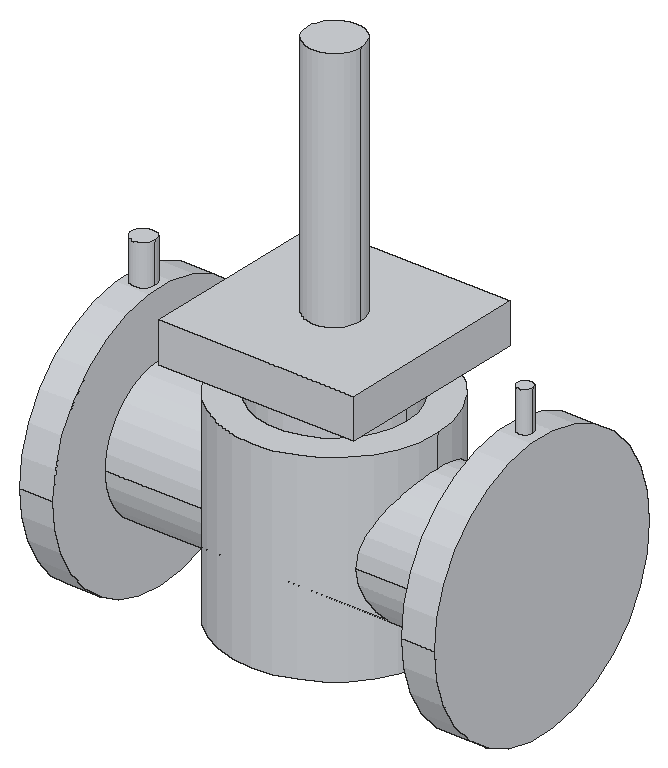
Revit family "OPTIMA_Compact_FLANGE_PN25_DN080-LF_RFA_2018", category Pipe Accessories, Revit 2018
Family settings
  Round Connector Dimension = Use Diameter
  Part Type = Valve - Breaks Into
  Work Plane-Based = No
  Always vertical = Yes
  Cut with Voids When Loaded = No
  Shared = No
Parameters (values of type "Optima Compact Flange PN25 DN080 LF")
  magiProductId = "Frese Optima Flange DN080 LF"
  magiProductFamilyId = "Frese Optima Flange *"
  magiPartTypeId = 304
  isMeasuringValve [instance] = no
  ang2D [instance] = 0.00°
  W2D = 50 mm
  VersionID = "2.0/2018.8.28.1/FRESE_OPTIMA_FLANGE_Q13_002"
  Use Minimum Symbol Size [instance] = yes
  URL = "www.hydronic.cz"
  Type Comments = "Přírubový; PN25; 0~120°C, s měřením"
  R4 = 54.25 mm
  R3 = 52 mm
  R1 = 77.5 mm
  QmdConnectorList = "301;D;302;D"
  Productdata [instance] = ""
  Manufacturer = "Hydronic Systems Prague s.r.o."
  MC Product Code = "53-1222 (DN80 LF; 20mm; pohon min 1000N; Qmin-dpmin 5300l/h-16.0kPa; Qmax-dpmin 34000l/h-25.0kPa; dpmax 800kPa)"
  MC Piping Given Pressure Drop [instance] = 0.0 Pa
  LF__ve = -LF  # -24.8 mm
  LF2 = 12.4 mm
  LF = 24.8 mm
  L4 = 145.7 mm
  L3 = 260.4 mm
  L2D_Min = 3048 mm
  L2D = 230 mm
  L2 = 155 mm
  H6 = 183 mm
  H4 = 30 mm
  H3 = 25 mm
  H2 = 75 mm
  H1 = 150 mm
  Description = "Tlakově nezávislý 2-cestný regulační vyvažovací ventil (PICV)"
  DF2 = 100 mm
  D = 80 mm
  CAT0 = yes
Types (14, lengths in mm): name | magiProductId | magiProductFamilyId | W2D | Type Comments | R4 | R3 | R1 | MC Product Code | LF__ve | LF2 | LF | L4 | L3 | L2D | L2 | H6 | H4 | H3 | H2 | H1 | DF2 | D
  Optima Compact Flange PN25 DN050 LF | "Frese Optima Flange DN050 LF" | "Frese Optima Flange *" | 50 | "Přírubový; PN25; 0~120°C, s měřením" | 40.3 | 42.9 | 57.5 | "53-1220 (DN50 LF; 20mm; pohon min 1000N; Qmin-dpmin 2500l/h-6.5kPa; Qmax-dpmin 15000l/h-20.0kPa; dpmax 800kPa)" | -18.4 | 9.2 | 18.4 | 108.1 | 193.2 | 230 | 115 | 157.3 | 24.8 | 20.6 | 61.9 | 123.8 | 82.5 | 50
  Optima Compact Flange PN25 DN050 HF | "Frese Optima Flange DN050 HF" | "Frese Optima Flange *" | 50 | "Přírubový; PN25; 0~120°C, s měřením" | 40.25 | 42.9 | 57.5 | "53-1230 (DN50 HF; 20mm; pohon min 1000N; Qmin-dpmin 3900l/h-19.0kPa; Qmax-dpmin 24000l/h-50.0kPa; dpmax 800kPa)" | -18.4 | 9.2 | 18.4 | 108.1 | 193.2 | 230 | 115 | 157.25 | 24.75 | 20.625 | 61.875 | 123.75 | 82.5 | 50
  Optima Compact Flange PN25 DN065 LF | "Frese Optima Flange DN065 LF" | "Frese Optima Flange *" | 50 | "Přírubový; PN25; 0~120°C, s měřením" | 50.75 | 48.1 | 72.5 | "53-1221 (DN65 LF; 20mm; pohon min 1000N; Qmin-dpmin 4400l/h-15.0kPa; Qmax-dpmin 25000l/h-25.0kPa; dpmax 800kPa)" | -23.2 | 11.6 | 23.2 | 136.3 | 243.6 | 230 | 145 | 171.25 | 27.75 | 23.125 | 69.375 | 138.75 | 92.5 | 65
  Optima Compact Flange PN25 DN065 HF | "Frese Optima Flange DN065 HF" | "Frese Optima Flange *" | 50 | "Přírubový; PN25; 0~120°C, s měřením" | 50.75 | 48.1 | 72.5 | "53-1231 (DN65 HF; 20mm; pohon min 1000N; Qmin-dpmin 6000l/h-30.0kPa; Qmax-dpmin 35000l/h-55.0kPa; dpmax 800kPa)" | -23.2 | 11.6 | 23.2 | 136.3 | 243.6 | 230 | 145 | 171.25 | 27.75 | 23.125 | 69.375 | 138.75 | 92.5 | 65
  Optima Compact Flange PN25 DN080 LF | "Frese Optima Flange DN080 LF" | "Frese Optima Flange *" | 50 | "Přírubový; PN25; 0~120°C, s měřením" | 54.25 | 52 | 77.5 | "53-1222 (DN80 LF; 20mm; pohon min 1000N; Qmin-dpmin 5300l/h-16.0kPa; Qmax-dpmin 34000l/h-25.0kPa; dpmax 800kPa)" | -24.8 | 12.4 | 24.8 | 145.7 | 260.4 | 230 | 155 | 183 | 30 | 25 | 75 | 150 | 100 | 80
  Optima Compact Flange PN25 DN080 HF | "Frese Optima Flange DN080 HF" | "Frese Optima Flange *" | 50 | "Přírubový; PN25; 0~120°C, s měřením" | 54.25 | 52 | 77.5 | "53-1232 (DN80 HF; 20mm; pohon min 1000N; Qmin-dpmin 7000l/h-23.0kPa; Qmax-dpmin 43000l/h-50.0kPa; dpmax 800kPa)" | -24.8 | 12.4 | 24.8 | 145.7 | 260.4 | 230 | 155 | 183 | 30 | 25 | 75 | 150 | 100 | 80
  Optima Compact Flange PN25 DN100 LF | "Frese Optima Flange DN100 LF" | "Frese Optima Flange *" | 50 | "Přírubový; PN25; 0~120°C, s měřením" | 61.25 | 61.1 | 87.5 | "53-1223 (DN100 LF; 40mm; pohon min 1000N; Qmin-dpmin 12100l/h-20.0kPa; Qmax-dpmin 68000l/h-35.0kPa; dpmax 800kPa)" | -28 | 14 | 28 | 164.5 | 294 | 230 | 175 | 268.75 | 35.25 | 29.375 | 88.125 | 176.25 | 117.5 | 100
  Optima Compact Flange PN25 DN100 HF | "Frese Optima Flange DN100 HF" | "Frese Optima Flange *" | 50 | "Přírubový; PN25; 0~120°C, s měřením" | 61.25 | 61.1 | 87.5 | "53-1233 (DN100 HF; 40mm; pohon min 1000N; Qmin-dpmin 14800l/h-30.0kPa; Qmax-dpmin 90000l/h-75.0kPa; dpmax 800kPa)" | -28 | 14 | 28 | 164.5 | 294 | 230 | 175 | 268.75 | 35.25 | 29.375 | 88.125 | 176.25 | 117.5 | 100
  Optima Compact Flange PN25 DN125 LF | "Frese Optima Flange DN125 LF" | "Frese Optima Flange *" | 50 | "Přírubový; PN25; 0~120°C, s měřením" | 70 | 70.2 | 100 | "53-1224 (DN125 LF; 40mm; pohon min 1000N; Qmin-dpmin 18500l/h-16.0kPa; Qmax-dpmin 110000l/h-35.0kPa; dpmax 800kPa)" | -32 | 16 | 32 | 188 | 336 | 230 | 200 | 275.5 | 40.5 | 33.75 | 101.25 | 202.5 | 135 | 125
  Optima Compact Flange PN25 DN125 HF | "Frese Optima Flange DN125 HF" | "Frese Optima Flange *" | 50 | "Přírubový; PN25; 0~120°C, s měřením" | 70 | 70.2 | 100 | "53-1234 (DN125 HF; 40mm; pohon min 1000N; Qmin-dpmin 23000l/h-27.0kPa; Qmax-dpmin 135000l/h-53.0kPa; dpmax 800kPa)" | -32 | 16 | 32 | 188 | 336 | 230 | 200 | 275.5 | 40.5 | 33.75 | 101.25 | 202.5 | 135 | 125
  Optima Compact Flange PN25 DN150 LF | "Frese Optima Flange DN150 LF" | "Frese Optima Flange *" | 50 | "Přírubový; PN25; 0~110°C, s měřením" | 84 | 74.1 | 120 | "53-1225 (DN150 LF; 43mm; pohon min 1500N; Qmin-dpmin 25600l/h-21.0kPa; Qmax-dpmin 148000l/h-35.0kPa; dpmax 800kPa)" | -38.4 | 19.2 | 38.4 | 225.6 | 403.2 | 230 | 240 | 279.25 | 42.75 | 35.625 | 106.875 | 213.75 | 142.5 | 150
  Optima Compact Flange PN25 DN150 HF | "Frese Optima Flange DN150 HF" | "Frese Optima Flange *" | 50 | "Přírubový; PN25; 0~110°C, s měřením" | 84 | 74.1 | 120 | "53-1235 (DN150 HF; 43mm; pohon min 1500N; Qmin-dpmin 32000l/h-33.0kPa; Qmax-dpmin 195000l/h-65.0kPa; dpmax 800kPa)" | -38.4 | 19.2 | 38.4 | 225.6 | 403.2 | 230 | 240 | 279.25 | 42.75 | 35.625 | 106.875 | 213.75 | 142.5 | 150
  Optima Compact Flange PN25 DN200 LF | "" | "" | 100 | "Přírubový; PN25; 0~110°C, s měřením" | 164.5 | 98.8 | 235 | "53-1226 (DN200 LF; 43mm; pohon min 1500N; Qmin-dpmin 95000l/h-11.0kPa; Qmax-dpmin 210000l/h-32.0kPa; dpmax 800kPa)" | -48 | 24 | 48 | 282 | 504 | 350 | 300 | 281 | 57 | 15 | 209 | 380 | 190 | 200
  Optima Compact Flange PN25 DN200 HF | "" | "" | 100 | "Přírubový; PN25; 0~110°C, s měřením" | 164.5 | 98.8 | 235 | "53-1236 (DN200 HF; 43mm; pohon min 1500N; Qmin-dpmin 130000l/h-31.0kPa; Qmax-dpmin 280000l/h-78.0kPa; dpmax 800kPa)" | -48 | 24 | 48 | 282 | 504 | 350 | 300 | 281 | 57 | 15 | 209 | 380 | 190 | 200
Reference planes
  plane 1 "Center (Front/Back)": y = 0
  plane 2 "XYPLANE": z = 0
  plane 3 "Center (Left/Right)": x = 0
  plane 4 "157": x = 142.6
  plane 5 "156": x = -142.6
  plane 6 "155": z = 100
  plane 7 "154": z = 130
  plane 8 "153": z = 100
  plane 9 "152": z = 75
  plane 10 "151": x = -130.2
  plane 11 "150": z = -75
  plane 12 "149": x = 0
  plane 13 "148": y = 0
  plane 14 "147": z = 0
  plane 15 "146": x = -155
  plane 16 "145": x = 155
Forms (mm)
  Extrusion 1, solid, visible <- "CAT0"
    sketch origin (-750, 0, 100) x (1, 0, 0) y (0, 1, 0)
      loop
        circle (892.6, 0) r 5.5
    from 0 to 30
  Extrusion 2, solid, visible <- "CAT0"
    sketch origin (-750, 0, 100) x (1, 0, 0) y (0, 1, 0)
      loop
        circle (607.4, 0) r 8.7
    from 0 to 30
  Extrusion 3, solid, visible <- "CAT0"
    sketch origin (-750, 0, 130) x (1, 0, 0) y (0, 1, 0)
      loop
        circle (750, 0) r 20
    from 0 to 183 <- "H6"
  Extrusion 4, solid, visible <- "CAT0"
    sketch origin (-750, 0, 100) x (1, 0, 0) y (0, 1, 0)
      loop
        line (822.85, 72.85) -> (677.15, 72.85) -> (677.15, -72.85) -> (822.85, -72.85) -> (822.85, 72.85)
    from 0 to 30 <- "H4"
  Extrusion 5, solid, visible <- "CAT0"
    sketch origin (-750, 0, 75) x (1, 0, 0) y (0, 1, 0)
      loop
        circle (750, 0) r 54.25
    from 0 to 25 <- "H3"
  Extrusion 6, solid, visible <- "CAT0"
    sketch origin (-130.2, -750, 0) x (0, 1, 0) y (0, 0, 1)
      loop
        circle (750, 0) r 52
    from 0 to 260.4 <- "L3"
  Extrusion 7, solid, visible <- "CAT0"
    sketch origin (-750, 0, -75) x (1, 0, 0) y (0, 1, 0)
      loop
        circle (750, 0) r 77.5
    from 0 to 150 <- "H1"
  Extrusion 8, solid, visible <- "CAT0"
    sketch origin (-155, -750, 0) x (0, 1, 0) y (0, 0, 1)
      loop
        circle (750, 0) r 100
    from 0 to 24.8 <- "LF"
  Extrusion 9, solid, visible <- "CAT0"
    sketch origin (155, -750, 0) x (0, 1, 0) y (0, 0, 1)
      loop
        circle (750, 0) r 100
    from 0 to -24.8 <- "LF__ve"
  Extrusion 10, solid, not visible
    sketch origin (-155, -750, 0) x (0, 1, 0) y (0, 0, 1)
      loop
        circle (750, 0) r 10
    from 0 to 10
  Extrusion 11, solid, not visible
    sketch origin (155, -750, 0) x (0, 1, 0) y (0, 0, 1)
      loop
        circle (750, 0) r 10
    from 0 to -10
Lines and regions (mm)
  reference lines, not visible
    curve 1: circle (2, 2, 0) r 1 normal (0, 0, 1)
  reference lines
    curve 2: circle (0, 0, 100) r 1 normal (0, 0, 1)
Dimensions and locks
  plane 1 "Center (Front/Back)" to curve 1 = 2 mm
  "LF2": plane 16 "145" to plane 4 "157"
  "LF2": plane 15 "146" to plane 5 "156"
  "DF2": plane 2 "XYPLANE" to plane 6 "155"
  "H4": plane 8 "153" to plane 7 "154"
  "H3": plane 9 "152" to plane 8 "153"
  "H1": plane 11 "150" to plane 9 "152"
  "LF": plane 15 "146" to plane 10 "151"
  "H2": plane 2 "XYPLANE" to plane 11 "150"
  locked: plane 3 "Center (Left/Right)" to plane 12 "149"
  locked: plane 1 "Center (Front/Back)" to plane 13 "148"
  locked: plane 2 "XYPLANE" to plane 14 "147"
  "L2": plane 3 "Center (Left/Right)" to plane 15 "146"
  "L2": plane 3 "Center (Left/Right)" to plane 16 "145"
  equal spacing: Extrusion 4 sketch curve, curve 2, Extrusion 4 sketch curve  (x2)
  "L4": Extrusion 4 sketch curve to Extrusion 4 sketch curve  (x2)
  Extrusion 4 sketch curve to Extrusion 4 sketch curve = 0 mm  (x8)
  "R4": radius of Extrusion 5 sketch curve
  "R3": radius of Extrusion 6 sketch curve
  "R1": radius of Extrusion 7 sketch curve
  "DF2": radius of Extrusion 8 sketch curve
  "DF2": radius of Extrusion 9 sketch curve
  aligned and locked: level to plane 2 "XYPLANE"
  aligned and locked: plane 4 "157" to Extrusion 1 sketch curve
  aligned and locked: plane 13 "148" to Extrusion 1 sketch curve
  aligned and locked: plane 5 "156" to Extrusion 2 sketch curve
  aligned and locked: plane 13 "148" to Extrusion 2 sketch curve
  aligned and locked: plane 12 "149" to Extrusion 3 sketch curve
  aligned and locked: plane 13 "148" to Extrusion 3 sketch curve
  aligned and locked: plane 12 "149" to curve 2
  aligned and locked: plane 13 "148" to curve 2
  aligned and locked: plane 12 "149" to Extrusion 5 sketch curve
  aligned and locked: plane 13 "148" to Extrusion 5 sketch curve
  aligned and locked: Extrusion 6 sketch curve to plane 13 "148"
  aligned and locked: plane 14 "147" to Extrusion 6 sketch curve
  aligned and locked: plane 12 "149" to Extrusion 7 sketch curve
  aligned and locked: plane 13 "148" to Extrusion 7 sketch curve
  aligned and locked: Extrusion 8 sketch curve to plane 13 "148"
  aligned and locked: plane 14 "147" to Extrusion 8 sketch curve
  aligned and locked: Extrusion 9 sketch curve to plane 13 "148"
  aligned and locked: plane 14 "147" to Extrusion 9 sketch curve
  aligned and locked: Extrusion 10 sketch curve to plane 13 "148"
  aligned and locked: plane 14 "147" to Extrusion 10 sketch curve
  aligned and locked: Extrusion 11 sketch curve to plane 13 "148"
  aligned and locked: plane 14 "147" to Extrusion 11 sketch curve
Automatic sketch dimensions
  Extrusion 1 sketch curve to plane 4 "157" = 5.5 mm
  plane 15 "146" to Extrusion 2 sketch curve = 3.7 mm
  Extrusion 3 sketch curve to plane 3 "Center (Left/Right)" = 20 mm
  plane 1 "Center (Front/Back)" to Extrusion 10 sketch curve = 10 mm
  plane 1 "Center (Front/Back)" to Extrusion 11 sketch curve = 10 mm
  plane 3 "Center (Left/Right)" to curve 1 = 2 mm
  plane 10 "151" to Extrusion 4 sketch curve = 57.35 mm
  plane 1 "Center (Front/Back)" to Extrusion 4 sketch curve = 72.85 mm
  radius of curve 2 = 1 mm
  radius of curve 1 = 1 mm
Connectors
  piping at (-155, 0, 0), diameter 80, driven by "D"
    settings: on Extrusion 10, index 1, connector inside diameter 609.6 mm, connector length 0 mm, flow factor 0, pipe flow 0.0 L/s, pressure drop 0.0 Pa, fitting loss kfactor 0, connector angle 0.00°, fixture units 0, engagement length 0 mm, angle of deflection 0.00°, flow configuration 0, flow direction 0, fitting loss method 0, system type 29, joint type 0, gender type 0, connector reference index 2, connector utility 0, adjustable connector no, is connector primary yes, connector description ""
  piping at (155, 0, 0), diameter 80, driven by "D"
    settings: on Extrusion 11, index 2, connector inside diameter 609.6 mm, connector length 0 mm, flow factor 0, pipe flow 0.0 L/s, pressure drop 0.0 Pa, fitting loss kfactor 0, connector angle 0.00°, fixture units 0, engagement length 0 mm, angle of deflection 0.00°, flow configuration 0, flow direction 0, fitting loss method 0, system type 29, joint type 0, gender type 0, connector reference index 1, connector utility 0, adjustable connector no, is connector primary no, connector description ""
